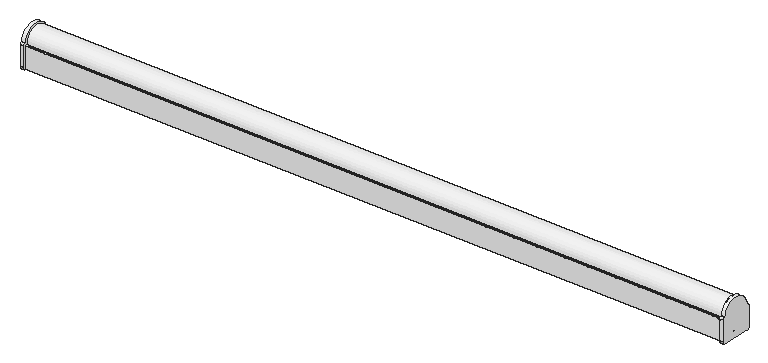
Revit family "0045180 Feilo Sylvania Lighting Fixture SYLBATTEN LED4 WW TP3", category Lighting Fixtures, host Face, Revit 2017
Family settings
  Host = Face
  Round Connector Dimension = Use Diameter
  Part Type = Normal
  OmniClass Number = 23.80.70.00
  OmniClass Title = Lighting
  Cut with Voids When Loaded = No
  Light Source = Yes
  Shared = No
  Room Calculation Point = No
Parameters (values of type "0045180 SYLBATTEN LED4 WW TP3")
  Width_FEILO = 66 mm
  Weight = "3.19 kg"
  Wattage Comments = "n/a"
  Wattage = 39 W
  WarrantyStartDate [instance] = "n/a"
  WarrantyGuarantorParts = "n/a"
  WarrantyDurationUnit = "n/a"
  WarrantyDurationParts = "n/a"
  WarrantyDescription = "n/a"
  built-in parameter 1150110 = 1 (stored number, unit not read)
  Voltage = 230 V
  URL = "http://www.sylvania-lighting.com"
  TypeName = "SYLBATTEN LED4 WW TP3"
  Type Image = <None>
  Type Comments = "n/a"
  built-in parameter 1114217 = 1 (stored number, unit not read)
  Tilt Angle = -90.00°
  built-in parameter 1150109 = 1 (stored number, unit not read)
  built-in parameter 1150134 = (empty or 0)
  SymReflector_FEILO = no
  built-in parameter 1150113 = 1 (stored number, unit not read)
  SerialNumber [instance] = "n/a"
  PowerFactor = 0
  PowerConsumption = "39 W"
  Photometric Web File = "0045180.ies"
  NominalLength = 1505 mm
  NominalHeight = 76 mm
  NominalDepth = 66 mm
  Name = "SYLBATTEN LED4 WW TP3"
  ModelReference = Name  # "SYLBATTEN LED4 WW TP3"
  ModelNumber = "0045180"
  Model = Name  # "SYLBATTEN LED4 WW TP3"
  Material_4_FEILO = Reflector-Sylvania-Sylbatten-White
  Material_3_FEILO = Diffuser-Sylvania-Sylbatten-Glow
  Material_2_FEILO = Body-Sylvania-Sylbatten-White
  Material_1_FEILO = Body-Sylvania-Sylbatten-White
  Material = "sheet steel housing, polycarbonate diffuser"
  ManufacturerName = "Feilo Sylvania"
  Manufacturer = "Feilo Sylvania"
  LuminousEfficacy = "93.46 lm/W"
  built-in parameter 1150105 = 290.06 (stored number, unit not read)
  Lumens = 3644.94 lm
  LuminaireType = ""
  built-in parameter 1150115 = 1 (stored number, unit not read)
  LightOutputRatio = "100"
  built-in parameter 1150137 = (empty or 0)
  built-in parameter 1150139 = (empty or 0)
  Length_FEILO = 1505 mm
  LampsType = Lamp  # "LED"
  LampNominalLuminous = "3645 lm"
  LampMacAdamStep = "n/a"
  LampColourTemperature = "3000 K"
  LampColourRenderingIndex = "80"
  built-in parameter 1150112 = 1 (stored number, unit not read)
  built-in parameter 1150114 = 1 (stored number, unit not read)
  Lamp = "LED"
  Keynote = "16500"
  InstallationDate [instance] = "n/a"
  InputVoltage = "220-240V~"
  InputNominalFrequency = "n/a"
  built-in parameter 1150132 = (empty or 0)
  built-in parameter 1150102 = (empty or 0)
  built-in parameter 1150107 = 3000 (stored number, unit not read)
  built-in parameter 1150138 = (empty or 0)
  IngressProtection = "IP20"
  ImpactProtectionIndex = "IK07"
  built-in parameter 1150106 = 2.9006 (stored number, unit not read)
  IfcExportType = "IfcLightFixtureType"
  IfcExportAs = "IfcLightFixtureType"
  Height_FEILO = 76 mm
  ExpectedLife = 50000
  Emit from Rectangle Width = Length_FEILO - 16 mm  # 1489 mm
  Emit from Rectangle Length = Width_FEILO - 40 mm  # 26 mm
  Emit Shape Visible in Rendering = no
  ElectricShockClassification = "Class I"
  built-in parameter 1150104 = 8.6827 (stored number, unit not read)
  DurationUnit = "hours"
  DocumentationLiterature = "http://www.sylvania-lighting.com/product/en-int/products/0045180"
  DimmingControlOptions = "n/a"
  Dimming Lamp Color Temperature Shift = <None>
  Description = "LED batten, T8 replacement, ease of installation through 2 part push-in design of the housing (safety cable included), through wiring capability (TP3 = 3 core), sheet steel, 3645M, 39W, 93m/W, 3000K, drive current: 350mA, CRI 80, 138° wide beam angle, electronic driver (non dimmable), IP20, IK07, 50,000 hrs (L70), (LxWxH) 1505x66x76mm, 5 step MacAdam ellipse, 3.7kg, white RAL 9016, Class 1, 220-240V, energy class: A++, A+, A."
  Default Elevation = 1219.2 mm
  CreatedOn = "1/25/2018"
  CreatedBy = ""
  Cost = 0
  Color Filter = 16777215
  built-in parameter 1114216 [instance] = (empty or 0)
  ClassificationValue = "EF_70_80"
  ClassificationName = "Uniclass2015"
  CapOffset_FEILO = 2 mm
  BarCode [instance] = "n/a"
  built-in parameter 1114218 = 1 (stored number, unit not read)
  BackReflector_FEILO = and(not(AsymReflector_FEILO), SymReflector_FEILO)  # no
  built-in parameter 1150133 = 10 (stored number, unit not read)
  FrontReflector_FEILO = or(AsymReflector_FEILO, SymReflector_FEILO)  # no
  AsymReflector_FEILO = no
  AssetType = "Fixed"
  AssetIdentifier [instance] = "n/a"
  Assembly Code = "D5020200"
  Apparent Load = 39 VA
Reference planes
  plane 1 "Center (Front/Back)": y = 0
  plane 2: z = 0
  plane 3 "Center (Left/Right)": x = 0
  plane 4: x = 752.5
  plane 5: x = -752.5
  plane 6: y = 33
  plane 7: y = -33
  plane 8: z = 76
  plane 9: z = 47
  plane 10: y = -29
  plane 11: y = 29
  plane 12: z = 20
  plane 13: z = 74
  plane 14: y = -31
  plane 15: y = -27
  plane 16: y = 27
  plane 17: y = 31
  plane 18: z = 2
  plane 19: x = -744.5
  plane 20: x = 744.5
  plane 21: z = 49
  plane 22: y = 1
  plane 23: y = -1
  plane 24: z = 21
  plane 25: z = 19
  plane 26: y = -61
  plane 27: y = 61
  plane 28: y = -56
  plane 29: y = 56
  plane 30: z = 91
  plane 31: z = 88
Forms (mm)
  Extrusion 1, solid, material "Body-Sylvania-Sylbatten-White" <- "Material_2_FEILO"
    sketch origin (0, 0, 0) x (0, 1, 0) y (0, 0, 1)
      loop
        line (-31, 2) -> (31, 2) -> (31, 45)
        arc (31, 45) -> (30.414, 46.414) -> (29, 47) r 2
        line (29, 47) -> (27, 47)
        arc (27, 47) -> (0, 74) -> (-27, 47) r 27
        line (-27, 47) -> (-29, 47)
        arc (-29, 47) -> (-30.414, 46.414) -> (-31, 45) r 2
        line (-31, 45) -> (-31, 2)
    from -744.5 to 744.5
  Extrusion 2, solid, material "Body-Sylvania-Sylbatten-White" <- "Material_2_FEILO"
    sketch origin (752.5, 1524, 1219.2) x (0, 1, 0) y (0, 0, 1)
      loop
        arc (-1494, -1219.2) -> (-1491.879, -1218.321) -> (-1491, -1216.2) r 3
        line (-1491, -1216.2) -> (-1491, -1173.2)
        arc (-1491, -1173.2) -> (-1491.879, -1171.079) -> (-1494, -1170.2) r 3
        line (-1494, -1170.2) -> (-1495.069, -1170.2)
        arc (-1495.069, -1170.2) -> (-1524, -1143.2) -> (-1552.931, -1170.2) r 29
        line (-1552.931, -1170.2) -> (-1554, -1170.2)
        arc (-1554, -1170.2) -> (-1556.121, -1171.079) -> (-1557, -1173.2) r 3
        line (-1557, -1173.2) -> (-1557, -1216.2)
        arc (-1557, -1216.2) -> (-1556.121, -1218.321) -> (-1554, -1219.2) r 3
        line (-1554, -1219.2) -> (-1494, -1219.2)
      loop
        arc (-1525, -1189.25) -> (-1531.071, -1192.129) -> (-1533.95, -1198.2) r 10
        line (-1533.95, -1198.2) -> (-1532.944, -1198.2)
        arc (-1532.944, -1198.2) -> (-1530.364, -1192.836) -> (-1525, -1190.256) r 9
        line (-1525, -1190.256) -> (-1525, -1189.25)
      loop
        arc (-1523, -1190.256) -> (-1517.636, -1192.836) -> (-1515.056, -1198.2) r 9
        line (-1515.056, -1198.2) -> (-1514.05, -1198.2)
        arc (-1514.05, -1198.2) -> (-1516.929, -1192.129) -> (-1523, -1189.25) r 10
        line (-1523, -1189.25) -> (-1523, -1190.256)
      loop
        line (-1532.944, -1200.2) -> (-1533.95, -1200.2)
        arc (-1533.95, -1200.2) -> (-1531.071, -1206.271) -> (-1525, -1209.15) r 10
        line (-1525, -1209.15) -> (-1525, -1208.144)
        arc (-1525, -1208.144) -> (-1530.364, -1205.564) -> (-1532.944, -1200.2) r 9
      loop
        arc (-1515.056, -1200.2) -> (-1517.636, -1205.564) -> (-1523, -1208.144) r 9
        line (-1523, -1208.144) -> (-1523, -1209.15)
        arc (-1523, -1209.15) -> (-1516.929, -1206.271) -> (-1514.05, -1200.2) r 10
        line (-1514.05, -1200.2) -> (-1515.056, -1200.2)
    from 0 to -8
  Extrusion 3, solid, material "Body-Sylvania-Sylbatten-White" <- "Material_2_FEILO"
    sketch origin (-752.5, 1524, 1219.2) x (0, 1, 0) y (0, 0, 1)
      loop
        arc (-1495.069, -1170.2) -> (-1524, -1143.2) -> (-1552.931, -1170.2) r 29
        line (-1552.931, -1170.2) -> (-1554, -1170.2)
        arc (-1554, -1170.2) -> (-1556.121, -1171.079) -> (-1557, -1173.2) r 3
        line (-1557, -1173.2) -> (-1557, -1216.2)
        arc (-1557, -1216.2) -> (-1556.121, -1218.321) -> (-1554, -1219.2) r 3
        line (-1554, -1219.2) -> (-1494, -1219.2)
        arc (-1494, -1219.2) -> (-1491.879, -1218.321) -> (-1491, -1216.2) r 3
        line (-1491, -1216.2) -> (-1491, -1173.2)
        arc (-1491, -1173.2) -> (-1491.879, -1171.079) -> (-1494, -1170.2) r 3
        line (-1494, -1170.2) -> (-1495.069, -1170.2)
      loop
        line (-1533.95, -1198.2) -> (-1532.944, -1198.2)
        arc (-1532.944, -1198.2) -> (-1530.364, -1192.836) -> (-1525, -1190.256) r 9
        line (-1525, -1190.256) -> (-1525, -1189.25)
        arc (-1525, -1189.25) -> (-1531.071, -1192.129) -> (-1533.95, -1198.2) r 10
      loop
        line (-1523, -1189.25) -> (-1523, -1190.256)
        arc (-1523, -1190.256) -> (-1517.636, -1192.836) -> (-1515.056, -1198.2) r 9
        line (-1515.056, -1198.2) -> (-1514.05, -1198.2)
        arc (-1514.05, -1198.2) -> (-1516.929, -1192.129) -> (-1523, -1189.25) r 10
      loop
        line (-1514.05, -1200.2) -> (-1515.056, -1200.2)
        arc (-1515.056, -1200.2) -> (-1517.636, -1205.564) -> (-1523, -1208.144) r 9
        line (-1523, -1208.144) -> (-1523, -1209.15)
        arc (-1523, -1209.15) -> (-1516.929, -1206.271) -> (-1514.05, -1200.2) r 10
      loop
        line (-1525, -1209.15) -> (-1525, -1208.144)
        arc (-1525, -1208.144) -> (-1530.364, -1205.564) -> (-1532.944, -1200.2) r 9
        line (-1532.944, -1200.2) -> (-1533.95, -1200.2)
        arc (-1533.95, -1200.2) -> (-1531.071, -1206.271) -> (-1525, -1209.15) r 10
    from 0 to 8
  Extrusion 4, solid, material "Reflector-Sylvania-Sylbatten-White" <- "Material_4_FEILO", visible <- "FrontReflector_FEILO"
    sketch origin (0, 0, 0) x (0, 1, 0) y (0, 0, 1)
      loop
        line (-61.257, 88.429) -> (-60.743, 87.571) -> (-56.621, 90.044)
        arc (-56.621, 90.044) -> (-56.237, 90.099) -> (-55.929, 89.863) r 0.5
        line (-55.929, 89.863) -> (-31.435, 46.753) -> (-30.565, 47.247) -> (-55.312, 90.802)
        arc (-55.312, 90.802) -> (-55.928, 91.275) -> (-56.696, 91.165) r 1
        line (-56.696, 91.165) -> (-61.257, 88.429)
    from -744.5 to 744.5
  Extrusion 5, solid, material "Reflector-Sylvania-Sylbatten-White" <- "Material_4_FEILO", visible <- "BackReflector_FEILO"
    sketch origin (0, 0, 0) x (0, 1, 0) y (0, 0, 1)
      loop
        line (30.565, 47.247) -> (31.435, 46.753) -> (55.932, 89.868)
        arc (55.932, 89.868) -> (56.245, 90.112) -> (56.638, 90.062) r 0.518
        line (56.638, 90.062) -> (61.033, 87.565) -> (61.527, 88.435) -> (56.682, 91.188)
        arc (56.682, 91.188) -> (55.922, 91.282) -> (55.318, 90.812) r 1
        line (55.318, 90.812) -> (30.565, 47.247)
    from -744.5 to 744.5
Lines and regions (mm)
  reference lines
    curve 1: line (0, -61, 88) -> (0, -56, 91)
    curve 2: line (0, -56, 91) -> (0, -31, 47)
    curve 3: line (0, 31, 47) -> (0, 56, 91)
    curve 4: line (0, 56, 91) -> (0, 61.28, 88)
Dimensions and locks
  equal spacing: plane 5, plane 3 "Center (Left/Right)", plane 4
  equal spacing: plane 7, plane 1 "Center (Front/Back)", plane 6
  "Width_FEILO": plane 7 to plane 6
  "Length_FEILO": plane 5 to plane 4
  "Height_FEILO": plane 8 to plane 2
  locked: plane 9 to plane 8 at 29
  equal spacing: plane 10, plane 1 "Center (Front/Back)", plane 11
  locked: plane 7 to plane 10 at 4
  locked: plane 12 to plane 2 at 20
  "CapOffset_FEILO": plane 13 to plane 8
  "CapOffset_FEILO": plane 7 to plane 14
  "CapOffset_FEILO": plane 10 to plane 15
  "CapOffset_FEILO": plane 17 to plane 6
  "CapOffset_FEILO": plane 16 to plane 11
  "CapOffset_FEILO": plane 18 to plane 2
  locked: plane 14 to Extrusion 1 sketch curve at 2
  locked: Extrusion 1 sketch curve to plane 9 at 2  (x2)
  locked: plane 16 to Extrusion 1 sketch curve at 2
  equal spacing: plane 19, plane 3 "Center (Left/Right)", plane 20
  locked: plane 5 to plane 19 at 8
  "CapOffset_FEILO": plane 9 to plane 21
  locked: Extrusion 2 sketch curve to plane 2 at 47
  locked: Extrusion 1 sketch curve to plane 2 at 47
  locked: Extrusion 2 sketch curve to plane 2 at 3  (x2)
  locked: plane 7 to Extrusion 2 sketch curve at 3  (x2)
  locked: Extrusion 2 sketch curve to plane 6 at 3  (x2)
  locked: Extrusion 2 sketch curve to plane 21 at 3  (x2)
  equal spacing: plane 23, plane 1 "Center (Front/Back)", plane 22
  equal spacing: plane 25, plane 12, plane 24
  plane 30 to plane 31 to plane 2 = 3 mm locked, 88 mm locked
  plane 28 to plane 29 = 112 mm
  plane 26 to plane 27 = 122 mm
  aligned and locked: plane 2 to host face
  aligned and locked: level to host face
  aligned and locked: plane 18 to Extrusion 1 sketch curve
  aligned and locked: plane 14 to Extrusion 1 sketch curve
  aligned and locked: Extrusion 1 sketch curve to plane 9  (x2)
  aligned and locked: Extrusion 1 sketch curve to plane 17
  aligned and locked: plane 15 to Extrusion 1 sketch curve
  aligned and locked: plane 16 to Extrusion 1 sketch curve
  aligned and locked: plane 9 to Extrusion 1 sketch curve
  aligned and locked: plane 20 to Extrusion 1
  aligned and locked: level to Extrusion 2 sketch curve
  aligned and locked: Extrusion 2 sketch curve to plane 7
  aligned and locked: plane 21 to Extrusion 2 sketch curve
  aligned and locked: Extrusion 2 sketch curve to plane 21
  aligned and locked: plane 1 "Center (Front/Back)" to Extrusion 2 sketch curve  (x3)
  aligned and locked: Extrusion 2 to Extrusion 1
  aligned and locked: plane 4 to Extrusion 2
  aligned and locked: plane 12 to Extrusion 2 sketch curve  (x2)
  aligned and locked: Extrusion 2 sketch curve to plane 22
  aligned and locked: Extrusion 2 sketch curve to plane 23
  aligned and locked: Extrusion 2 sketch curve to plane 24
  aligned and locked: Extrusion 2 sketch curve to plane 25
  aligned and locked: plane 25 to Extrusion 2 sketch curve
  aligned and locked: plane 22 to Extrusion 2 sketch curve
  aligned and locked: plane 24 to Extrusion 2 sketch curve
  aligned and locked: plane 23 to Extrusion 2 sketch curve  (x2)
  aligned and locked: Extrusion 3 sketch curve to Extrusion 2  (x22)
  aligned and locked: Extrusion 3 to Extrusion 1
  aligned and locked: Extrusion 3 to plane 5
  aligned and locked: plane 19 to Extrusion 3
  aligned and locked: plane 31 to curve 1
  aligned and locked: plane 30 to curve 1
  aligned and locked: plane 14 to curve 2
  aligned and locked: plane 9 to curve 2
  aligned and locked: plane 17 to curve 3
  aligned and locked: plane 30 to curve 3
  aligned and locked: plane 31 to curve 4
  aligned and locked: Extrusion 4 sketch curve to curve 2
  aligned and locked: Extrusion 4 sketch curve to curve 1
  aligned and locked: Extrusion 4 to Extrusion 1
  aligned and locked: Extrusion 1 to Extrusion 4
  aligned and locked: imposter light to plane 1 "Center (Front/Back)"
  aligned and locked: imposter light to plane 3 "Center (Left/Right)"
  aligned and locked: imposter light to plane 13
  aligned and locked: Extrusion 5 sketch curve to curve 4
  aligned and locked: Extrusion 5 sketch curve to curve 3
  aligned and locked: Extrusion 1 to Extrusion 5
  aligned and locked: Extrusion 5 to Extrusion 1
Automatic sketch dimensions
  host sketch curve to host sketch curve = 2438.4 mm  (x2)
  Extrusion 2 sketch curve to Extrusion 2 sketch curve = 0 mm  (x14)
  Extrusion 2 sketch curve to plane 10 = 0.069 mm
  plane 23 to Extrusion 2 sketch curve = 8.95 mm
  Extrusion 2 sketch curve to Extrusion 2 sketch curve = 1.006 mm  (x4)
  Extrusion 2 sketch curve to plane 22 = 7.944 mm
  curve 1 to plane 26 = 0 mm
  curve 2 to plane 28 = 0 mm
  curve 4 to plane 29 = 0 mm
  plane 9 to curve 3 = 0 mm
  plane 26 to Extrusion 4 sketch curve = 0.257 mm
  Extrusion 4 sketch curve to plane 26 = 0.257 mm
  Extrusion 4 sketch curve to plane 30 = 0.165 mm
  plane 28 to Extrusion 4 sketch curve = 0.696 mm
  plane 28 to Extrusion 4 sketch curve = 0.621 mm
  plane 28 to Extrusion 4 sketch curve = 0.364 mm
  plane 28 to Extrusion 4 sketch curve = 0.182 mm
  Extrusion 4 sketch curve to plane 28 = 0.071 mm
  plane 30 to Extrusion 4 sketch curve = 0.198 mm
  Extrusion 4 sketch curve to plane 28 = 0.688 mm
  plane 9 to Extrusion 4 sketch curve = 0.247 mm
  plane 1 "Center (Front/Back)" to Extrusion 4 sketch curve = 31.435 mm
  Extrusion 5 sketch curve to plane 9 = 0.247 mm
  Extrusion 5 sketch curve to plane 1 "Center (Front/Back)" = 30.565 mm
  plane 9 to Extrusion 5 sketch curve = 0.247 mm
  plane 30 to Extrusion 5 sketch curve = 0.188 mm
  plane 29 to Extrusion 5 sketch curve = 0.068 mm
  Extrusion 5 sketch curve to plane 29 = 0.188 mm
  Extrusion 5 sketch curve to plane 29 = 0.382 mm
  Extrusion 5 sketch curve to Extrusion 5 sketch curve = 0.256 mm
  Extrusion 5 sketch curve to plane 30 = 0.188 mm
  Extrusion 5 sketch curve to plane 29 = 0.682 mm
  Extrusion 5 sketch curve to plane 27 = 0.033 mm
  Extrusion 5 sketch curve to plane 27 = 0.527 mm
Connectors
  electrical at (0, 0, 0), driven by "Apparent Load", driven by "PowerFactor", driven by "Voltage"
    settings: index 1, voltage 230 V, apparent load 39 VA, apparent load phase1 0 VA, apparent load phase2 0 VA, apparent load phase3 0 VA, power factor 0, load classification "Lighting", number of poles 1, system type 30, power factor state 1, is connector primary yes, connector utility no, sub classification motor no, connector description ""
